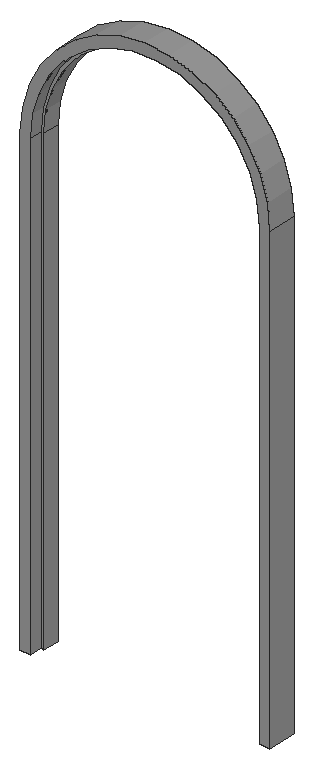
Revit family "DF813ARCH (889x2090mm)", category Doors, host Wall, Revit 2013
Parameters (values of type "DF813ARCH (889x2090mm)")
  Function = Interior
  Frame Projection Ext. = 25 mm
  Frame Projection Int. = 25 mm
  Frame Width = 75 mm
  Height = 2090 mm
  Wall Closure = By host
  Width = 889 mm
Reference planes
  plane 1: y = 0
  plane 2 "Center (Left/Right)": x = 0
  plane 3 "Left": x = -444.5
  plane 4 "Right": x = 444.5
  plane 5: z = 2090
  plane 6 "Exterior": y = 75
  plane 7 "Interior": y = -75
  plane 8 "Centre Frame": y = 0
Forms (mm)
  Sweep 1, solid, material "Lauan, Meranti"
    path origin (0, 0, 0) x (1, 0, 0) y (0, 0, 1)
      loop
        line (-444.5, 0) -> (-444.5, 1645.5)
        arc (-444.5, 1645.5) -> (0, 2090) -> (444.5, 1645.5) r 444.5
        line (444.5, 1645.5) -> (444.5, 0)
    profile origin (444.5, 0, 822.75) x (0, -1, 0) y (1, 0, 0)
      loop
        line (52.5, 0) -> (-52.5, 0) -> (-52.5, -50) -> (7.5, -50) -> (7.5, -38) -> (52.5, -38) -> (52.5, 0)
Lines and regions (mm)
  Opening 1
    outline origin (-3050, -75, 0) x (1, 0, 0) y (0, 0, 1)
      loop
        line (2605.5, 0) -> (3494.5, 0) -> (3494.5, 1645.5)
        arc (3494.5, 1645.5) -> (3050, 2090) -> (2605.5, 1645.5) r 444.5
        line (2605.5, 1645.5) -> (2605.5, 0)
  symbolic lines, style "Elevation Swing"
    curve 1: line (444.5, -75, 1045) -> (-444.5, -75, 2090)
    curve 2: line (444.5, -75, 1045) -> (-444.5, -75, 0)
  model lines
    curve 3: line (406.5, -52.5, 0) -> (406.5, -865.5, 0)
    curve 4: arc (406.5, -865.5, 0) -> (-168.378, -627.378, 0) -> (-406.5, -52.5, 0) r 813
Text (mm)
  text "Exterior" at (-2295.016, 1099.543, 0), in view "Ref. Level"
  text "Exterior" at (0, 1615.38, 3698.081), in view "Left"
  text "Exterior" at (0, 1036.032, 3874.932), in view "Right"
Dimensions and locks
  equal spacing: plane 3 "Left", plane 2 "Center (Left/Right)", plane 4 "Right"
  "Width": plane 3 "Left" to plane 4 "Right"
  "Height": plane 5 to host wall
  equal spacing: host wall, curve 2, plane 5
  host wall to plane 5 = 2090 mm
  locked: plane 6 "Exterior" to host wall at 0
  locked: plane 7 "Interior" to host wall
  plane 3 "Left" to plane 4 "Right" = 889 mm  (x2)
  aligned and locked: plane 3 "Left" to Opening 1 sketch curve
  aligned and locked: Opening 1 sketch curve to plane 4 "Right"
  aligned and locked: Opening 1 sketch curve to level
  aligned and locked: plane 5 to curve 1
  aligned and locked: plane 3 "Left" to curve 2
  aligned and locked: plane 1 to host wall
  aligned and locked: plane 3 "Left" to curve 1
Automatic sketch dimensions
  curve 2 to level = 0 mm
  plane 4 "Right" to curve 2 = 0 mm
  plane 5 to Opening 1 sketch curve = 444.5 mm  (x2)
  plane 4 "Right" to Sweep 1 sketch curve = 0 mm
  plane 5 to Sweep 1 sketch curve = 444.5 mm
  plane 3 "Left" to Sweep 1 sketch curve = 0 mm
  Sweep 1 sketch curve to level = 0 mm  (x2)
  Sweep 1 sketch curve to plane 8 "Centre Frame" = 52.5 mm
  plane 8 "Centre Frame" to Sweep 1 sketch curve = 7.5 mm
  profile plane to Sweep 1 sketch curve = 50 mm
  plane 8 "Centre Frame" to Sweep 1 sketch curve = 52.5 mm
  Sweep 1 sketch curve to Sweep 1 sketch curve = 12 mm
  Sweep 1 sketch curve to Sweep 1 sketch curve = 50 mm
  curve 4 to plane 3 "Left" = 38 mm
  plane 4 "Right" to curve 4 = 38 mm
  host wall to curve 3 = 790.5 mm
  curve 3 to curve 4 = 0 mm
